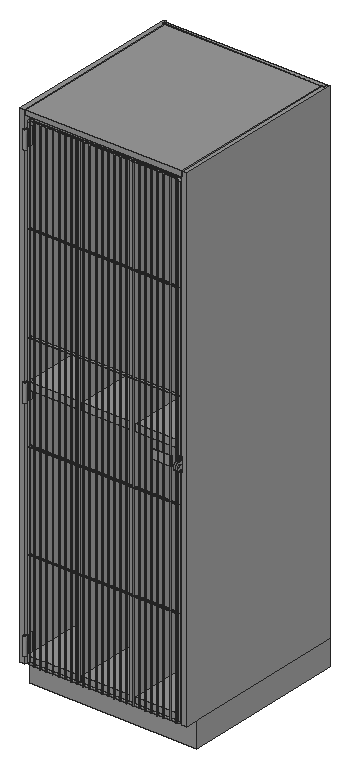
Revit family "TMI_M3047-Music_Wire Grille Doors1", category Casework, Revit 2016
Family settings
  OmniClass Number = 23.40.35.14.11
  OmniClass Title = Modular Casework
  Work Plane-Based = No
  Always vertical = Yes
  Cut with Voids When Loaded = No
  Shared = No
  Room Calculation Point = No
Parameters (values of type "27" x 84-1/2" x 29"")
  URL = "www.tmisystems.com"
  Toe Kick Height = 4"
  Toe Kick Depth = 2"
  Shelf Thickness = 1 1/8"
  Model = "M3047/M5047"
  Manufacturer = "TMI Systems Corporation"
  Interior Finish = none
  Individual Wire Grille Doors [instance] = not(Full Height Wire Grille Door)  # no
  Full Height Wire Grille Door [instance] = yes
  Filler Width (Hinge) [instance] = 3"
  Filler (Pull Side) [instance] = no
  Filler (Hinge Side) [instance] = no
  Filler Width (Pull) [instance] = 3"
  Description = "Acoustic Guitar"
  Depth = 29"
  Height = 84 1/2"
  Width = 27"
  Casework Thickness = 3/4"
  Casework Back Thickness = 1/2"
  Cabinet Finish = Plastic Laminate
  Assembly Code = ""
Types (2): name | Depth
  27" x 84-1/2" x 29" | 29"
  27" x 84-1/2" x 39" | 39"
Reference planes (in)
  plane 1 "Back": y = 15
  plane 2: z = 0
  plane 3 "Center (Left/Right)": x = 0.7377
  plane 4 "Left": x = -12.7623
  plane 5 "Right": x = 14.2377
  plane 6 "Front": y = -14
  plane 7 "Top": z = 84.5
  plane 8: y = 14.375
  plane 9: x = -12.0123
  plane 10: x = 13.4877
  plane 11: z = 83.75
  plane 12: y = 14.875
  plane 13: y = -12
  plane 14: z = 4
  plane 15: z = 5.125
  plane 16: y = -13.61906
  plane 17: y = -11.25
  plane 18: y = -13.25
  plane 19: x = -4.0123
  plane 20: x = -3.2623
  plane 21: x = -3.6373
  plane 22: x = 5.4877
  plane 23: x = 4.7377
  plane 24: x = 5.1127
  plane 25: z = 44.8125
  plane 26: y = -13.49461
  plane 27: z = 83.25
  plane 28: x = 13.8627
  plane 29: x = -12.3873
  plane 30: y = -13.60344
Forms (in)
  Extrusion 1, solid, material "Plastic Laminate" <- "Cabinet Finish"
    sketch origin (0, 0.21844, 0) x (1, 0, 0) y (0, 1, 0)
      loop
        line (-12.7623, 14.78156) -> (-12.7623, -14.21844) -> (-12.0123, -14.21844) -> (-12.0123, 14.15656) -> (-12.38677, 14.15656) -> (-12.38677, 14.78156) -> (-12.7623, 14.78156)
      loop
        line (13.86077, 14.78156) -> (13.86077, 14.15656) -> (13.4877, 14.15656) -> (13.4877, -14.21844) -> (14.2377, -14.21844) -> (14.2377, 14.78156) -> (13.86077, 14.78156)
    from 4 to 84.5
  Extrusion 2, solid, material "Plastic Laminate" <- "Cabinet Finish"
    sketch origin (0.84915, 11.94613, -1.44731) x (1, 0, 0) y (0, 0, 1)
      loop
        line (-12.86145, 6.57231) -> (-12.86145, 5.44731) -> (12.63855, 5.44731) -> (12.63855, 6.57231) -> (-12.86145, 6.57231)
    from -2.42887 to 25.54956
  Extrusion 3, solid, material "Plastic Laminate" <- "Cabinet Finish"
    sketch origin (0, 0, 0) x (1, 0, 0) y (0, 1, 0)
      loop
        line (-12.38677, 14.875) -> (-12.38677, 14.375) -> (13.86077, 14.375) -> (13.86077, 14.875) -> (-12.38677, 14.875)
    from 84.5 to 4
  Extrusion 4, solid, material "Plastic Laminate" <- "Cabinet Finish", visible <- "Filler (Pull Side)"
    sketch origin (0, -14, 0) x (1, 0, 0) y (0, 0, 1)
      loop
        line (14.2377, 84.5) -> (14.2377, 4) -> (17.2377, 4) -> (17.2377, 84.5) -> (14.2377, 84.5)
    from -0.75 to 0
  Extrusion 5, solid, material "Plastic Laminate" <- "Cabinet Finish", visible <- "Filler (Hinge Side)"
    sketch origin (0, -14, 0) x (1, 0, 0) y (0, 0, 1)
      loop
        line (-15.7623, 84.5) -> (-15.7623, 4) -> (-12.7623, 4) -> (-12.7623, 84.5) -> (-15.7623, 84.5)
    from -0.75 to 0
  Extrusion 6, solid, material "Wood"
    sketch origin (0, 0, 0) x (1, 0, 0) y (0, 0, 1)
      loop
        line (14.2377, 4) -> (-12.7623, 4) -> (-12.7623, 0) -> (14.2377, 0) -> (14.2377, 4)
    from -15 to 12
  Extrusion 7, solid, material "Wood", visible <- "Filler (Pull Side)"
    sketch origin (0, 0, 0) x (1, 0, 0) y (0, 0, 1)
      loop
        line (17.2377, 4) -> (14.2377, 4) -> (14.2377, 0) -> (17.2377, 0) -> (17.2377, 4)
    from 11.25 to 12
  Extrusion 8, solid, material "Wood", visible <- "Filler (Hinge Side)"
    sketch origin (0, 0, 0) x (1, 0, 0) y (0, 0, 1)
      loop
        line (-12.7623, 4) -> (-15.7623, 4) -> (-15.7623, 0) -> (-12.7623, 0) -> (-12.7623, 4)
    from 11.25 to 12
  Extrusion 9, solid, material "Plastic Laminate" <- "Cabinet Finish", visible <- "Full Height Wire Grille Door"
    sketch origin (-6, -14, 0) x (1, 0, 0) y (0, 0, 1)
      loop
        line (1.9877, 83.75) -> (1.9877, 4) -> (2.7377, 4) -> (2.7377, 83.75) -> (1.9877, 83.75)
    from -28.375 to -0.38094
  Extrusion 10, solid, material "Plastic Laminate" <- "Cabinet Finish"
    sketch origin (0, -14, 0) x (1, 0, 0) y (0, 0, 1)
      loop
        line (-12.0123, 44.8125) -> (-12.0123, 43.6875) -> (13.4877, 43.6875) -> (13.4877, 44.8125) -> (-12.0123, 44.8125)
    from -28.375 to -0.50539
  Extrusion 11, solid, material "Plastic Laminate" <- "Cabinet Finish", visible <- "Full Height Wire Grille Door"
    sketch origin (67.5, -14, 0) x (1, 0, 0) y (0, 0, 1)
      loop
        line (-62.7623, 83.75) -> (-62.7623, 4) -> (-62.0123, 4) -> (-62.0123, 83.75) -> (-62.7623, 83.75)
    from -28.375 to -0.38094
  Extrusion 12, solid, material "Plastic Laminate" <- "Cabinet Finish"
    sketch origin (0, 15, 0) x (1, 0, 0) y (0, 0, 1)
      loop
        line (-12.0123, 84.5) -> (-12.0123, 83.75) -> (13.4877, 83.75) -> (13.4877, 84.5) -> (-12.0123, 84.5)
    from 0.625 to 29
  Extrusion 13, solid, material "Plastic Laminate" <- "Cabinet Finish", visible <- "Individual Wire Grille Doors"
    sketch origin (32, -14, 0) x (1, 0, 0) y (0, 0, 1)
      loop
        line (-36.0123, 83.75) -> (-36.0123, 4) -> (-35.2623, 4) -> (-35.2623, 83.75) -> (-36.0123, 83.75)
    from -28.375 to 0
  Extrusion 14, solid, material "Plastic Laminate" <- "Cabinet Finish", visible <- "Individual Wire Grille Doors"
    sketch origin (105.5, -14, 0) x (1, 0, 0) y (0, 0, 1)
      loop
        line (-100.7623, 83.75) -> (-100.7623, 4) -> (-100.0123, 4) -> (-100.0123, 83.75) -> (-100.7623, 83.75)
    from -28.375 to 0
Lines and regions (in)
  Masking region 1
    outline origin (44.5, 0, 0) x (1, 0, 0) y (0, 1, 0)
      loop
        line (-57.2623, 15) -> (-57.2623, -14) -> (-30.2623, -14) -> (-30.2623, 15) -> (-57.2623, 15)
  Masking region 2, visible <- "Filler (Hinge Side)"
    outline origin (0, 0, 0) x (1, 0, 0) y (0, 1, 0)
      loop
        line (-15.7623, -13.25) -> (-15.7623, -14) -> (-12.7623, -14) -> (-12.7623, -13.25) -> (-15.7623, -13.25)
  Masking region 3, visible <- "Filler (Pull Side)"
    outline origin (0, 0, 0) x (1, 0, 0) y (0, 1, 0)
      loop
        line (14.2377, -13.25) -> (14.2377, -14) -> (17.2377, -14) -> (17.2377, -13.25) -> (14.2377, -13.25)
  symbolic lines, style "CaseworkHiddenLines"
    curve 1: line (-4.8248, -14, 0) -> (-4.9498, -14, 0)
    curve 2: line (4.1752, -14, 0) -> (4.0502, -14, 0)
    curve 3: line (6.3002, -14, 0) -> (6.4252, -14, 0)
Dimensions and locks (in)
  "Width": plane 4 "Left" to plane 5 "Right"
  equal spacing: plane 4 "Left", plane 3 "Center (Left/Right)", plane 5 "Right"
  "Casework Thickness": plane 4 "Left" to plane 9
  "Casework Thickness": plane 10 to plane 5 "Right"
  "Casework Thickness": plane 7 "Top" to plane 11
  "Filler Width (Pull)": plane 5 "Right" to Extrusion 4
  "Filler Width (Hinge)": Extrusion 5 to plane 4 "Left"
  "Depth": plane 6 "Front" to plane 1 "Back"
  locked: plane 12 to plane 1 "Back" at 0.125
  "Toe Kick Depth": plane 13 to plane 6 "Front"
  "Toe Kick Height": plane 14 to level
  "Height": plane 7 "Top" to level
  "Shelf Thickness": Extrusion 10 sketch curve to Extrusion 10 sketch curve
  locked: plane 6 "Front" to plane 16 at 0.38094
  locked: plane 6 "Front" to plane 18 at 0.75
  locked: plane 17 to plane 13 at 0.75
  equal spacing: plane 20, plane 21, plane 19
  "Casework Thickness": plane 20 to plane 19
  equal spacing: plane 23, plane 24, plane 22
  "Casework Thickness": plane 23 to plane 22
  plane 16 to plane 26 = 0.12445"
  locked: plane 11 to plane 27 at 0.5
  "Shelf Thickness": plane 15 to plane 14
  equal spacing: plane 7 "Top", plane 25, plane 15
  equal spacing: plane 29, plane 21, plane 24, plane 28
  equal spacing: plane 4 "Left", plane 29, plane 9
  equal spacing: plane 10, plane 28, plane 5 "Right"
  "Casework Back Thickness": plane 12 to plane 8
  locked: plane 16 to plane 30 at 0.01562
  aligned and locked: plane 2 to level
  aligned and locked: Extrusion 1 sketch curve to plane 4 "Left"
  aligned and locked: Extrusion 1 sketch curve to plane 9
  aligned and locked: Extrusion 1 sketch curve to plane 10
  aligned and locked: Extrusion 1 sketch curve to plane 5 "Right"
  aligned and locked: Extrusion 1 to plane 1 "Back"  (x2)
  aligned and locked: plane 8 to Extrusion 3 sketch curve
  aligned and locked: Extrusion 1 to plane 7 "Top"
  aligned and locked: plane 7 "Top" to Extrusion 4 sketch curve
  aligned and locked: Extrusion 4 sketch curve to plane 5 "Right"
  aligned and locked: plane 7 "Top" to Extrusion 5 sketch curve
  aligned and locked: Extrusion 7 to Extrusion 6
  aligned and locked: Extrusion 8 to Extrusion 6
  aligned and locked: plane 14 to Extrusion 8
  aligned and locked: plane 14 to Extrusion 6
  aligned and locked: plane 14 to Extrusion 7
  aligned and locked: Extrusion 4 to plane 14
  aligned and locked: Extrusion 5 to plane 14
  aligned and locked: Extrusion 1 to plane 14
  aligned and locked: Extrusion 2 to plane 14
  aligned and locked: plane 15 to Extrusion 2
  aligned and locked: Extrusion 6 to Extrusion 1
  aligned and locked: plane 1 "Back" to Masking region 1 sketch curve
  aligned and locked: Extrusion 8 to plane 13
  aligned and locked: plane 11 to Extrusion 9 sketch curve
  aligned and locked: plane 9 to Extrusion 10 sketch curve
  aligned and locked: Extrusion 10 sketch curve to plane 10
  aligned and locked: plane 8 to Extrusion 10
  aligned and locked: plane 4 "Left" to Masking region 2 sketch curve
  aligned and locked: Masking region 3 sketch curve to plane 5 "Right"
  aligned and locked: plane 6 "Front" to Extrusion 1  (x2)
  aligned and locked: plane 6 "Front" to Extrusion 4
  aligned and locked: plane 6 "Front" to Extrusion 5
  aligned and locked: plane 17 to Extrusion 7
  aligned and locked: Extrusion 4 to plane 18
  aligned and locked: Extrusion 5 to plane 18
  aligned and locked: plane 17 to Extrusion 8
  aligned and locked: Extrusion 8 to Extrusion 5
  aligned and locked: Masking region 2 to Extrusion 5
  aligned and locked: Masking region 2 to plane 18
  aligned and locked: Extrusion 4 to Extrusion 7
  aligned and locked: Masking region 3 to Extrusion 4
  aligned and locked: Masking region 3 to plane 18
  aligned and locked: Extrusion 10 to plane 25
  aligned and locked: Extrusion 2 to plane 9
  aligned and locked: Extrusion 10 to plane 26
  aligned and locked: plane 16 to Extrusion 11
  aligned and locked: Extrusion 2 to plane 10
  aligned and locked: plane 8 to Extrusion 11
  aligned and locked: Extrusion 12 sketch curve to plane 11
  aligned and locked: plane 9 to Extrusion 12 sketch curve
  aligned and locked: Extrusion 12 sketch curve to plane 10
  aligned and locked: plane 6 "Front" to Extrusion 12
  aligned and locked: Extrusion 11 to plane 23
  aligned and locked: Extrusion 11 to plane 22
  aligned and locked: plane 9 to Extrusion 1
  aligned and locked: plane 6 "Front" to Masking region 1
  aligned and locked: Extrusion 12 to plane 7 "Top"
  aligned and locked: plane 8 to Extrusion 12
  aligned and locked: Extrusion 3 to Extrusion 1  (x2)
  aligned and locked: plane 8 to Extrusion 2
  aligned and locked: Extrusion 3 to plane 14
  aligned and locked: Extrusion 3 to plane 7 "Top"
  aligned and locked: plane 6 "Front" to Extrusion 13
  aligned and locked: plane 6 "Front" to Extrusion 14
  aligned and locked: plane 8 to Extrusion 13
  aligned and locked: plane 8 to Extrusion 14
  aligned and locked: Extrusion 13 to plane 11
  aligned and locked: Extrusion 14 to plane 11
  aligned and locked: Extrusion 13 to plane 19
  aligned and locked: Extrusion 13 to plane 20
  aligned and locked: Extrusion 14 to plane 23
  aligned and locked: Extrusion 14 to plane 22
  aligned and locked: plane 30 to Extrusion 2
  aligned and locked: Extrusion 13 to plane 14
  aligned and locked: Extrusion 9 to plane 14
  aligned and locked: Extrusion 11 to plane 14
  aligned and locked: Extrusion 14 to plane 14
  aligned and locked: nested 5 to plane 6 "Front"
  aligned and locked: nested 1 to plane 6 "Front"
  aligned and locked: nested 6 to plane 6 "Front"
  aligned and locked: nested 2 to plane 6 "Front"
  aligned and locked: nested 7 to plane 6 "Front"
  aligned and locked: nested 3 to plane 6 "Front"
  aligned and locked: nested 4 to plane 6 "Front"
  aligned and locked: nested 1 to plane 14
  aligned and locked: nested 2 to plane 14
  aligned and locked: nested 3 to plane 14
  aligned and locked: nested 4 to plane 14
  aligned and locked: plane 27 to nested 5
  aligned and locked: plane 27 to nested 6
  aligned and locked: plane 27 to nested 7
  aligned and locked: plane 9 to nested 1
  aligned and locked: plane 9 to nested 5
  aligned and locked: nested 2 to plane 20
  aligned and locked: nested 6 to plane 20
  aligned and locked: nested 3 to plane 22
  aligned and locked: nested 7 to plane 22
  aligned and locked: plane 9 to nested 4
Automatic sketch dimensions
  curve 1 to level = 0"
  curve 2 to level = 0"
  curve 3 to level = 0"
  curve 1 to plane 19 = 15/16"
  curve 1 to curve 1 = 1/8"
  curve 2 to plane 23 = 11/16"
  curve 2 to curve 2 = 1/8"
  curve 3 to plane 22 = 13/16"
  curve 3 to curve 3 = 1/8"
  plane 1 "Back" to Extrusion 1 sketch curve = 0"  (x2)
  Extrusion 1 sketch curve to plane 8 = 0"  (x2)
  plane 6 "Front" to Extrusion 1 sketch curve = 0"  (x2)
  Extrusion 1 sketch curve to plane 29 = 0.00052"
  plane 28 to Extrusion 1 sketch curve = 0.00194"
  Extrusion 2 sketch curve to plane 9 = 0"
  plane 10 to Extrusion 2 sketch curve = 0"
  Extrusion 2 sketch curve to plane 14 = 0"
  Extrusion 2 sketch curve to plane 15 = 0"
  Extrusion 3 sketch curve to plane 12 = 0"
  Extrusion 3 sketch curve to plane 29 = 0.00052"
  plane 28 to Extrusion 3 sketch curve = 0.00194"
  Extrusion 4 sketch curve to plane 14 = 0"
  Extrusion 4 sketch curve to plane 5 "Right" = 3"
  Extrusion 5 sketch curve to plane 14 = 0"
  plane 4 "Left" to Extrusion 5 sketch curve = 0"
  Extrusion 5 sketch curve to Extrusion 5 sketch curve = 3"
  plane 4 "Left" to Extrusion 6 sketch curve = 0"
  Extrusion 6 sketch curve to level = 0"
  plane 5 "Right" to Extrusion 6 sketch curve = 0"
  Extrusion 6 sketch curve to plane 14 = 0"
  plane 5 "Right" to Extrusion 7 sketch curve = 0"
  Extrusion 7 sketch curve to level = 0"
  Extrusion 7 sketch curve to plane 14 = 0"
  Extrusion 7 sketch curve to plane 5 "Right" = 3"
  Extrusion 8 sketch curve to plane 14 = 0"
  Extrusion 8 sketch curve to level = 0"
  plane 4 "Left" to Extrusion 8 sketch curve = 0"
  Extrusion 8 sketch curve to Extrusion 8 sketch curve = 3"
  Masking region 1 sketch curve to plane 4 "Left" = 0"
  Masking region 1 sketch curve to plane 5 "Right" = 0"
  plane 6 "Front" to Masking region 1 sketch curve = 0"
  Extrusion 9 sketch curve to plane 19 = 0"
  plane 20 to Extrusion 9 sketch curve = 0"
  Extrusion 10 sketch curve to plane 25 = 0"
  plane 6 "Front" to Masking region 2 sketch curve = 0"
  plane 18 to Masking region 2 sketch curve = 0"
  plane 4 "Left" to Masking region 2 sketch curve = 3"
  plane 6 "Front" to Masking region 3 sketch curve = 0"
  plane 18 to Masking region 3 sketch curve = 0"
  Masking region 3 sketch curve to Masking region 3 sketch curve = 3"
  Extrusion 11 sketch curve to plane 15 = 1 1/8"
  Extrusion 11 sketch curve to plane 23 = 0"
  plane 22 to Extrusion 11 sketch curve = 0"
  Extrusion 11 sketch curve to plane 11 = 0"
  Extrusion 12 sketch curve to plane 7 "Top" = 0"
  Extrusion 13 sketch curve to plane 15 = 1 1/8"
  Extrusion 13 sketch curve to plane 11 = 0"
  plane 5 "Right" to Extrusion 13 sketch curve = 18 1/4"
  Extrusion 13 sketch curve to Extrusion 13 sketch curve = 3/4"
  Extrusion 14 sketch curve to plane 15 = 1 1/8"
  Extrusion 14 sketch curve to plane 11 = 0"
  plane 5 "Right" to Extrusion 14 sketch curve = 9 1/2"
  Extrusion 14 sketch curve to Extrusion 14 sketch curve = 3/4"
  Extrusion 9 sketch curve to plane 15 = 1 1/8"
Nested families (in)
  nested 1: "Individual Wire Grille Door 27in Wide (2Hx3W Doors)" at (-8.01315, -13.76369, 4), visible <- "Individual Wire Grille Doors", type "Individual Wire Grille Door 27in Wide (2Hx3W Doors)"
    with Number of Verticle Bars 6, Bar Spacing 1"
  nested 2: "Individual Wire Grille Door 27in Wide (2Hx3W Doors)" at (0.73685, -13.76369, 4), visible <- "Individual Wire Grille Doors", type "Individual Wire Grille Door 27in Wide (2Hx3W Doors)"
    with Number of Verticle Bars 6, Bar Spacing 1"
  nested 3: "Individual Wire Grille Door 27in Wide (2Hx3W Doors)" at (9.48685, -13.76369, 4), visible <- "Individual Wire Grille Doors", type "Individual Wire Grille Door 27in Wide (2Hx3W Doors)"
    with Number of Verticle Bars 6, Bar Spacing 1"
  nested 4: "Full Height Wire Grille Door 27in Wide" at (0.73685, -13.76369, 4), visible <- "Full Height Wire Grille Door", type "Full Height Wire Grille Door 27in Wide"
    with Number of Verticle Bars 24, Bar Spacing 1"
  nested 5: "Individual Wire Grille Door 27in Wide (2Hx3W Doors)" at (-8.01315, -13.76369, 44), visible <- "Individual Wire Grille Doors", type "Individual Wire Grille Door 27in Wide (2Hx3W Doors)"
    with Number of Verticle Bars 6, Bar Spacing 1"
  nested 6: "Individual Wire Grille Door 27in Wide (2Hx3W Doors)" at (0.73685, -13.76369, 44), visible <- "Individual Wire Grille Doors", type "Individual Wire Grille Door 27in Wide (2Hx3W Doors)"
    with Number of Verticle Bars 6, Bar Spacing 1"
  nested 7: "Individual Wire Grille Door 27in Wide (2Hx3W Doors)" at (9.48685, -13.76369, 44), visible <- "Individual Wire Grille Doors", type "Individual Wire Grille Door 27in Wide (2Hx3W Doors)"
    with Number of Verticle Bars 6, Bar Spacing 1"
Definition of nested family "Individual Wire Grille Door 27in Wide (2Hx3W Doors)"
  Parameters (values of type "Individual Wire Grille Door 27in Wide (2Hx3W Doors)")
    Width = 7"
    Pull height from Bottom of Casework = 33 13/16"
    Number of Verticle Bars [instance] = (Width / Bar Spacing) - 1  # 6
    Height = 39 1/4"
    Distance of Hinge from Edge of Casework = 2 13/16"
    Bar Spacing [instance] = 1"
  Reference planes (in)
    plane 1 "Center (Front/Back)": y = 0
    plane 2: z = 0
    plane 3 "Center (Left/Right)": x = 0
    plane 4: x = -3.62415
    plane 5: x = -3.37585
    plane 6: z = 39.25
    plane 7: z = 39
    plane 8: z = 39.12847
    plane 9: x = -3.5
    plane 10: x = 3.63138
    plane 11: x = 3.36862
    plane 12: x = 3.5
    plane 13: z = 0.25
    plane 14: z = 0.125
    plane 15: y = -0.125
    plane 16: z = 19.625
    plane 17: y = -0.17188
    plane 18: y = 0.28516
    plane 19: x = 4.00638
    plane 20: y = -0.23631
    plane 21: z = 2.8125
    plane 22: z = 36.4375
    plane 23: z = 20.75103
    plane 24: x = -2.5
    plane 25: z = 26.16667
    plane 26: z = 13.08333
    plane 27: z = 19.625
  Forms (in)
    Sweep 1, solid
      path origin (0, 0, 0) x (1, 0, 0) y (0, 0, 1)
        loop
          arc (-3.25, 39.12847) -> (-3.42678, 39.05525) -> (-3.5, 38.87847) r 0.25
          line (-3.5, 38.87847) -> (-3.5, 0.375)
          arc (-3.5, 0.375) -> (-3.42678, 0.19822) -> (-3.25, 0.125) r 0.25
          line (-3.25, 0.125) -> (3.25, 0.125)
          arc (3.25, 0.125) -> (3.42678, 0.19822) -> (3.5, 0.375) r 0.25
          line (3.5, 0.375) -> (3.5, 38.87847)
          arc (3.5, 38.87847) -> (3.42678, 39.05525) -> (3.25, 39.12847) r 0.25
          line (3.25, 39.12847) -> (-3.25, 39.12847)
      profile "4 Circle : 4 Circle" origin (0, 0, 39.12847) x (0, 0, 1) y (0, -1, 0)
        loop
          circle (0, 0) r 0.125
    Extrusion 2, solid
      sketch origin (0, 0, 0) x (0, 1, 0) y (0, 0, 1)
        loop
          circle (0, 26.16667) r 0.125
        loop
          circle (0, 13.08333) r 0.125
      from -3.5 to 3.5
    Extrusion 3, solid
      sketch origin (8.75, 0, 0) x (1, 0, 0) y (0, 1, 0)
        loop
          circle (-11.25, -0.17188) r 0.06444
      from 0 to 39.25
    Extrusion 4, solid
      sketch origin (9.75, 0, 0) x (1, 0, 0) y (0, 1, 0)
        loop
          circle (-11.25, -0.17188) r 0.06444
      from 0 to 39.25
    Extrusion 5, solid
      sketch origin (10.75, 0, 0) x (1, 0, 0) y (0, 1, 0)
        loop
          circle (-11.25, -0.17188) r 0.06444
      from 0 to 39.25
    Extrusion 6, solid
      sketch origin (11.75, 0, 0) x (1, 0, 0) y (0, 1, 0)
        loop
          circle (-11.25, -0.17188) r 0.06444
      from 0 to 39.25
    Extrusion 7, solid
      sketch origin (12.75, 0, 0) x (1, 0, 0) y (0, 1, 0)
        loop
          circle (-11.25, -0.17188) r 0.06444
      from 0 to 39.25
    Extrusion 8, solid
      sketch origin (13.75, 0, 0) x (1, 0, 0) y (0, 1, 0)
        loop
          circle (-11.25, -0.17188) r 0.06444
      from 0 to 39.25
    Extrusion 9, solid
      sketch origin (0, 0, 0) x (1, 0, 0) y (0, 0, 1)
        loop
          line (-0.80612, 20.375) -> (-0.80612, 18.875) -> (2.38138, 18.875) -> (2.38138, 20.375) -> (-0.80612, 20.375)
      from 0.23631 to 0.33984
  Lines and regions (in)
    model lines
      curve 1: line (3.5, 0, 39.12847) -> (-3.5, 0, 19.625)
      curve 2: line (-3.5, 0, 19.625) -> (3.5, 0, 0.125)
  Dimensions and locks (in)
    equal spacing: plane 4, plane 9, plane 5
    locked: plane 4 to plane 5 at 0.24829
    equal spacing: plane 10, plane 12, plane 11
    plane 10 to plane 11 = 0.26276"
    equal spacing: plane 13, plane 14, plane 2
    locked: plane 13 to plane 2 at 0.25
    equal spacing: plane 12, plane 3 "Center (Left/Right)", plane 9
    locked: plane 15 to plane 1 "Center (Front/Back)" at 0.125
    "Width": plane 12 to plane 9
    plane 8 to plane 14 = 39.00347"
    locked: plane 15 to plane 17 at 0.04688
    plane 1 "Center (Front/Back)" to plane 18 = 73/256"
    locked: plane 10 to plane 19 at 0.375
    locked: plane 17 to plane 20 at 0.06444
    "Distance of Hinge from Edge of Casework": plane 21 to plane 2
    locked: plane 23 to plane 16 at 1.12603
    "Height": plane 6 to plane 2
    locked: plane 6 to plane 7 at 0.25
    plane 6 to plane 8 to plane 7 = 0.12153", 0.12847"
    locked: plane 9 to plane 24 at 1
    "Distance of Hinge from Edge of Casework": plane 6 to plane 22
    equal spacing: plane 6, plane 16, level
    equal spacing: group 1, group 2, group 3, group 4, group 5, group 6  (x3)
    equal spacing: plane 6, plane 25, plane 26, level
    equal spacing: Extrusion 9 sketch curve, plane 27, Extrusion 9 sketch curve
    locked: Extrusion 9 sketch curve to Extrusion 9 sketch curve at 1.5
    locked: Extrusion 9 sketch curve to Extrusion 9 sketch curve at 3.1875
    locked: Extrusion 9 sketch curve to nested 1 at 1.25
    aligned and locked: Sweep 1 sketch curve to plane 12
    aligned and locked: plane 9 to Sweep 1 sketch curve
    aligned and locked: plane 14 to Sweep 1 sketch curve
    aligned and locked: nested 1 to plane 10
    aligned and locked: plane 18 to nested 1
    aligned and locked: plane 18 to nested 2
    aligned and locked: plane 10 to nested 1
    aligned and locked: nested 3 to plane 4
    aligned and locked: plane 20 to nested 3
    aligned and locked: nested 3 to plane 22
    aligned and locked: nested 4 to plane 4
    aligned and locked: plane 20 to nested 4
    aligned and locked: nested 4 to plane 21
    aligned and locked: Extrusion 2 to plane 9
    aligned and locked: Extrusion 2 to plane 12
    aligned and locked: plane 19 to nested 2
    aligned and locked: nested 2 to plane 23
    aligned and locked: nested 1 to plane 23
    aligned and locked: plane 2 to level
    aligned and locked: Sweep 1 sketch curve to plane 8
    aligned and locked: Extrusion 3 to plane 2
    aligned and locked: nested 5 to plane 20
    aligned and locked: nested 5 to plane 4
    aligned and locked: nested 5 to plane 16
    aligned and locked: plane 20 to Extrusion 9
    aligned and locked: nested 1 to Extrusion 9
    aligned and locked: plane 16 to plane 27
  Automatic sketch dimensions
    plane 5 to Sweep 1 sketch curve = 0.12585"  (x2)
    plane 11 to Sweep 1 sketch curve = 0.11862"  (x2)
    curve 2 to plane 9 = 0"
    plane 12 to curve 2 = 0"
    curve 1 to plane 8 = 0"
    curve 1 to plane 12 = 0"
    curve 2 to plane 14 = 0"
    curve 1 to plane 16 = 0"
    Extrusion 2 sketch curve to plane 1 "Center (Front/Back)" = 0"  (x2)
    Extrusion 2 sketch curve to plane 26 = 0"
    Extrusion 2 sketch curve to plane 25 = 0"
    radius of Extrusion 3 sketch curve = 0.06444"
    radius of Extrusion 4 sketch curve = 0.06444"
    radius of Extrusion 5 sketch curve = 0.06444"
    radius of Extrusion 6 sketch curve = 0.06444"
    radius of Extrusion 7 sketch curve = 0.06444"
    radius of Extrusion 8 sketch curve = 0.06444"
    radius of Extrusion 2 sketch curve = 1/8"  (x2)
  Nested families (in)
    nested 1: "Pad Lock" at (3.63138, -0.33984, 19.62603), type "Pad Lock"
    nested 2: "Pad Lock" at (3.94388, -0.33984, 19.62603), type "Pad Lock"
    nested 3: "5k hinge (music)" at (-3.8429, 0.76369, 35.03125) x (-1, 0, 0) z (0, 0, 1), type "5k hinge (music)"
      with Width 16"
    nested 4: "5k hinge (music)" at (-3.8429, 0.76369, 1.40625) x (-1, 0, 0) z (0, 0, 1), type "5k hinge (music)"
      with Width 16"
    nested 5: "5k hinge (music)" at (-3.8429, 0.76369, 18.21875) x (-1, 0, 0) z (0, 0, 1), type "5k hinge (music)"
      with Width 16"
  Definition of nested family "Pad Lock"
    Reference planes (in)
      plane 1 "Center (Front/Back)": y = 0
      plane 2: z = 0
      plane 3 "Center (Left/Right)": x = 0
      plane 4: z = 1.125
      plane 5: z = -1.125
      plane 6: y = -1.125
      plane 7: y = 0.625
      plane 8: y = -0.5625
      plane 9: x = 0.0625
    Forms (in)
      Extrusion 1, solid
        sketch origin (0, 0.00036, 0.01611) x (0, 0, 1) y (0, -1, 0)
          loop
            line (0.98389, 0) -> (0.56967, 0) -> (0.56967, 0.56286)
            arc (0.56967, 0.56286) -> (0, 1.13253) -> (-0.56967, 0.56286) r 0.56967
            line (-0.56967, 0.56286) -> (-0.56967, 0) -> (-1.01611, 0)
            arc (-1.01611, 0) -> (-1.1045, -0.03661) -> (-1.14111, -0.125) r 0.125
            line (-1.14111, -0.125) -> (-1.14111, -0.62464) -> (1.10889, -0.62464) -> (1.10889, -0.125)
            arc (1.10889, -0.125) -> (1.07227, -0.03661) -> (0.98389, 0) r 0.125
          loop
            circle (0, 0.56286) r 0.375
        from 0 to 0.0625
    Dimensions and locks (in)
      locked: plane 4 to plane 5 at 2.25
      locked: plane 6 to plane 7 at 1.75
      locked: plane 9 to plane 3 "Center (Left/Right)" at 0.0625
      equal spacing: plane 1 "Center (Front/Back)", plane 8, plane 6
      locked: plane 7 to plane 1 "Center (Front/Back)" at 0.625
      equal spacing: plane 5, plane 2, plane 4
      aligned and locked: plane 2 to level
      aligned and locked: plane 9 to Extrusion 1
    Automatic sketch dimensions
      Extrusion 1 sketch curve to Extrusion 1 sketch curve = 0"  (x2)
      Extrusion 1 sketch curve to plane 5 = 0"
      Extrusion 1 sketch curve to plane 8 = 0"
      plane 4 to Extrusion 1 sketch curve = 0"
      Extrusion 1 sketch curve to plane 7 = 0"
      Extrusion 1 sketch curve to plane 1 "Center (Front/Back)" = 0.00036"
      plane 5 to Extrusion 1 sketch curve = 1/8"
      Extrusion 1 sketch curve to level = 0.55355"
      level to Extrusion 1 sketch curve = 0.01611"
      Extrusion 1 sketch curve to Extrusion 1 sketch curve = 1/8"
      Extrusion 1 sketch curve to plane 1 "Center (Front/Back)" = 0.12536"
      radius of Extrusion 1 sketch curve = 3/8"
  Definition of nested family "5k hinge (music)"
    Parameters (values of type "5k hinge (music)")
      door thickness = 1"
      Width [instance] = 16"
      Hinge Distance from Door = 9/16"
      5K hinge size = 2 13/16"
    Reference planes (in)
      plane 1 "Center (Front/Back)": y = 0
      plane 2: z = 0
      plane 3 "Center (Left/Right)": x = 0
      plane 4: x = -0.15625
      plane 5: y = -1
      plane 6: y = -0.5
      plane 7: y = -1.5625
      plane 8: y = -1.28125
      plane 9: x = 0.15625
      plane 10: z = 2.8125
      plane 11: z = 1.40625
      plane 12: x = -0.21875
    Forms (in)
      Extrusion 1, solid
        sketch origin (-8.15625, 0, 0) x (1, 0, 0) y (0, 1, 0)
          loop
            line (8.15625, -1) -> (8.15625, -1.04949)
            arc (8.15625, -1.04949) -> (7.85521, -1.421) -> (8.3125, -1.28125) r 0.25
            line (8.3125, -1.28125) -> (8.3125, 0) -> (8.15625, 0) -> (7.9375, 0) -> (7.9375, -1) -> (8.15625, -1)
        from 0 to 2.8125
    Dimensions and locks (in)
      equal spacing: plane 1 "Center (Front/Back)", plane 6, plane 5
      "Hinge Distance from Door": plane 5 to plane 7
      equal spacing: plane 5, plane 8, plane 7
      "5K hinge size": plane 10 to plane 2
      "door thickness": plane 1 "Center (Front/Back)" to plane 5
      equal spacing: plane 10, plane 11, plane 2
      equal spacing: plane 4, plane 3 "Center (Left/Right)", plane 9
      plane 4 to plane 9 = 5/16"
      plane 12 to plane 4 = 1/16"
      aligned and locked: plane 2 to level
      aligned and locked: plane 5 to Extrusion 1 sketch curve
      aligned and locked: Extrusion 1 to plane 10
      aligned and locked: plane 9 to Extrusion 1
      aligned and locked: Extrusion 1 to plane 2
      aligned and locked: plane 12 to Extrusion 1 sketch curve
    Automatic sketch dimensions
      Extrusion 1 sketch curve to plane 8 = 0"
      plane 1 "Center (Front/Back)" to Extrusion 1 sketch curve = 0"
      Extrusion 1 sketch curve to plane 9 = 0"
      plane 4 to Extrusion 1 sketch curve = 1/16"
      Extrusion 1 sketch curve to plane 3 "Center (Left/Right)" = 0"  (x2)
Definition of nested family "Full Height Wire Grille Door 27in Wide"
  Parameters (values of type "Full Height Wire Grille Door 27in Wide")
    Width = 24 1/2"
    Pull height from Bottom of Casework = 37 13/16"
    Number of Verticle Bars [instance] = (Width / Bar Spacing) - 1  # 24
    Height = 79 1/4"
    Distance of Hinge from Edge of Casework = 2 13/16"
    Bar Spacing [instance] = 1"
  Reference planes (in)
    plane 1 "Center (Front/Back)": y = 0
    plane 2: z = 0
    plane 3 "Center (Left/Right)": x = 0
    plane 4: x = -12.37415
    plane 5: x = -12.12585
    plane 6: z = 79.25
    plane 7: z = 79
    plane 8: z = 79.125
    plane 9: x = -12.25
    plane 10: x = 12.38138
    plane 11: x = 12.11862
    plane 12: x = 12.25
    plane 13: z = 0.25
    plane 14: z = 0.125
    plane 15: y = -0.125
    plane 16: z = 39.625
    plane 17: z = 47.525
    plane 18: z = 63.325
    plane 19: z = 31.725
    plane 20: z = 15.925
    plane 21: y = -0.17188
    plane 22: x = -11.25
    plane 23: y = 0.28516
    plane 24: x = 12.75638
    plane 25: y = -0.23631
    plane 26: z = 37.8125
    plane 27: z = 2.8125
    plane 28: z = 76.4375
    plane 29: z = 38.9375
    plane 30: z = 37.8125
  Forms (in)
    Sweep 1, solid
      path origin (0, 0, 0) x (1, 0, 0) y (0, 0, 1)
        loop
          arc (-12, 79.125) -> (-12.17678, 79.05178) -> (-12.25, 78.875) r 0.25
          line (-12.25, 78.875) -> (-12.25, 0.375)
          arc (-12.25, 0.375) -> (-12.17678, 0.19822) -> (-12, 0.125) r 0.25
          line (-12, 0.125) -> (12, 0.125)
          arc (12, 0.125) -> (12.17678, 0.19822) -> (12.25, 0.375) r 0.25
          line (12.25, 0.375) -> (12.25, 78.875)
          arc (12.25, 78.875) -> (12.17678, 79.05178) -> (12, 79.125) r 0.25
          line (12, 79.125) -> (-12, 79.125)
      profile "4 Circle : 4 Circle" origin (0, 0, 79.125) x (0, 0, 1) y (0, -1, 0)
        loop
          circle (0, 0) r 0.125
    Extrusion 2, solid
      sketch origin (0, 0, 0) x (0, 1, 0) y (0, 0, 1)
        loop
          circle (0, 63.325) r 0.125
        loop
          circle (0, 47.525) r 0.125
        loop
          circle (0, 15.925) r 0.125
        loop
          circle (0, 31.725) r 0.125
      from -12.25 to 12.25
    Extrusion 3, solid
      sketch origin (-0.62456, 0, 0) x (1, 0, 0) y (0, 1, 0)
        loop
          circle (-10.62544, -0.17188) r 0.0625
      from 0 to 79.25
    Extrusion 4, solid
      sketch origin (0.37544, 0, 0) x (1, 0, 0) y (0, 1, 0)
        loop
          circle (-10.62544, -0.17188) r 0.0625
      from 0 to 79.25
    Extrusion 5, solid
      sketch origin (1.37544, 0, 0) x (1, 0, 0) y (0, 1, 0)
        loop
          circle (-10.62544, -0.17188) r 0.0625
      from 0 to 79.25
    Extrusion 6, solid
      sketch origin (2.37544, 0, 0) x (1, 0, 0) y (0, 1, 0)
        loop
          circle (-10.62544, -0.17188) r 0.0625
      from 0 to 79.25
    Extrusion 7, solid
      sketch origin (3.37544, 0, 0) x (1, 0, 0) y (0, 1, 0)
        loop
          circle (-10.62544, -0.17188) r 0.0625
      from 0 to 79.25
    Extrusion 8, solid
      sketch origin (4.37544, 0, 0) x (1, 0, 0) y (0, 1, 0)
        loop
          circle (-10.62544, -0.17188) r 0.0625
      from 0 to 79.25
    Extrusion 9, solid
      sketch origin (5.37544, 0, 0) x (1, 0, 0) y (0, 1, 0)
        loop
          circle (-10.62544, -0.17188) r 0.0625
      from 0 to 79.25
    Extrusion 10, solid
      sketch origin (6.37544, 0, 0) x (1, 0, 0) y (0, 1, 0)
        loop
          circle (-10.62544, -0.17188) r 0.0625
      from 0 to 79.25
    Extrusion 11, solid
      sketch origin (7.37544, 0, 0) x (1, 0, 0) y (0, 1, 0)
        loop
          circle (-10.62544, -0.17188) r 0.0625
      from 0 to 79.25
    Extrusion 12, solid
      sketch origin (8.37544, 0, 0) x (1, 0, 0) y (0, 1, 0)
        loop
          circle (-10.62544, -0.17188) r 0.0625
      from 0 to 79.25
    Extrusion 13, solid
      sketch origin (9.37544, 0, 0) x (1, 0, 0) y (0, 1, 0)
        loop
          circle (-10.62544, -0.17188) r 0.0625
      from 0 to 79.25
    Extrusion 14, solid
      sketch origin (10.37544, 0, 0) x (1, 0, 0) y (0, 1, 0)
        loop
          circle (-10.62544, -0.17188) r 0.0625
      from 0 to 79.25
    Extrusion 15, solid
      sketch origin (11.37544, 0, 0) x (1, 0, 0) y (0, 1, 0)
        loop
          circle (-10.62544, -0.17188) r 0.0625
      from 0 to 79.25
    Extrusion 16, solid
      sketch origin (12.37544, 0, 0) x (1, 0, 0) y (0, 1, 0)
        loop
          circle (-10.62544, -0.17188) r 0.0625
      from 0 to 79.25
    Extrusion 17, solid
      sketch origin (13.37544, 0, 0) x (1, 0, 0) y (0, 1, 0)
        loop
          circle (-10.62544, -0.17188) r 0.0625
      from 0 to 79.25
    Extrusion 18, solid
      sketch origin (14.37544, 0, 0) x (1, 0, 0) y (0, 1, 0)
        loop
          circle (-10.62544, -0.17188) r 0.0625
      from 0 to 79.25
    Extrusion 19, solid
      sketch origin (15.37544, 0, 0) x (1, 0, 0) y (0, 1, 0)
        loop
          circle (-10.62544, -0.17188) r 0.0625
      from 0 to 79.25
    Extrusion 20, solid
      sketch origin (16.37544, 0, 0) x (1, 0, 0) y (0, 1, 0)
        loop
          circle (-10.62544, -0.17188) r 0.0625
      from 0 to 79.25
    Extrusion 21, solid
      sketch origin (17.37544, 0, 0) x (1, 0, 0) y (0, 1, 0)
        loop
          circle (-10.62544, -0.17188) r 0.0625
      from 0 to 79.25
    Extrusion 22, solid
      sketch origin (18.37544, 0, 0) x (1, 0, 0) y (0, 1, 0)
        loop
          circle (-10.62544, -0.17188) r 0.0625
      from 0 to 79.25
    Extrusion 23, solid
      sketch origin (19.37544, 0, 0) x (1, 0, 0) y (0, 1, 0)
        loop
          circle (-10.62544, -0.17188) r 0.0625
      from 0 to 79.25
    Extrusion 24, solid
      sketch origin (20.37544, 0, 0) x (1, 0, 0) y (0, 1, 0)
        loop
          circle (-10.62544, -0.17188) r 0.0625
      from 0 to 79.25
    Extrusion 25, solid
      sketch origin (21.37544, 0, 0) x (1, 0, 0) y (0, 1, 0)
        loop
          circle (-10.62544, -0.17188) r 0.0625
      from 0 to 79.25
    Extrusion 26, solid
      sketch origin (22.37544, 0, 0) x (1, 0, 0) y (0, 1, 0)
        loop
          circle (-10.62544, -0.17188) r 0.0625
      from 0 to 79.25
    Extrusion 27, solid
      sketch origin (0, 0, 0) x (1, 0, 0) y (0, 0, 1)
        loop
          line (7.94388, 38.5625) -> (7.94388, 37.0625) -> (11.13138, 37.0625) -> (11.13138, 38.5625) -> (7.94388, 38.5625)
      from 0.23631 to 0.33984
  Lines and regions (in)
    model lines
      curve 1: line (12.27951, 0, 79.125) -> (-12.25002, 0, 39.625)
      curve 2: line (-12.25002, 0, 39.625) -> (12.25, 0, 0.125)
  Dimensions and locks (in)
    locked: plane 6 to plane 7 at 0.25
    equal spacing: plane 6, plane 8, plane 7
    equal spacing: plane 4, plane 9, plane 5
    locked: plane 4 to plane 5 at 0.24829
    equal spacing: plane 10, plane 12, plane 11
    plane 10 to plane 11 = 0.26276"
    equal spacing: plane 13, plane 14, plane 2
    locked: plane 13 to plane 2 at 0.25
    equal spacing: plane 12, plane 3 "Center (Left/Right)", plane 9
    locked: plane 15 to plane 1 "Center (Front/Back)" at 0.125
    "Width": plane 12 to plane 9
    "Height": plane 6 to plane 2
    plane 8 to plane 14 = 79"
    equal spacing: plane 8, plane 18, plane 17, plane 19, plane 20, plane 14
    "Bar Spacing": plane 9 to plane 22
    locked: plane 15 to plane 21 at 0.04688
    plane 1 "Center (Front/Back)" to plane 23 = 73/256"
    locked: plane 10 to plane 24 at 0.375
    locked: plane 21 to plane 25 at 0.06444
    "Pull height from Bottom of Casework": plane 26 to plane 2
    "Distance of Hinge from Edge of Casework": plane 6 to plane 28
    "Distance of Hinge from Edge of Casework": plane 27 to plane 2
    equal spacing: plane 6, plane 16, level
    locked: plane 29 to plane 26 at 1.125
    equal spacing: group 1, group 2, group 3, group 4, group 5, group 6, group 7, group 8, group 9, group 10, group 11, group 12, group 13, group 14, group 15, group 16, group 17, group 18, group 19, group 20, group 21, group 22, group 23, group 24  (x3)
    locked: Extrusion 27 sketch curve to Extrusion 27 sketch curve at 1.5
    locked: Extrusion 27 sketch curve to Extrusion 27 sketch curve at 3.1875
    equal spacing: Extrusion 27 sketch curve, plane 30, Extrusion 27 sketch curve
    locked: nested 1 to Extrusion 27 sketch curve at 1.25
    aligned and locked: plane 2 to level
    aligned and locked: Sweep 1 sketch curve to plane 12
    aligned and locked: Sweep 1 sketch curve to plane 8
    aligned and locked: plane 9 to Sweep 1 sketch curve
    aligned and locked: plane 14 to Sweep 1 sketch curve
    aligned and locked: Extrusion 2 to plane 12
    aligned and locked: Extrusion 2 to plane 9
    aligned and locked: Extrusion 3 to plane 2
    aligned and locked: nested 1 to plane 10
    aligned and locked: nested 1 to plane 23
    aligned and locked: plane 24 to nested 2
    aligned and locked: nested 2 to plane 23
    aligned and locked: plane 10 to nested 1
    aligned and locked: nested 3 to plane 4
    aligned and locked: plane 25 to nested 3
    aligned and locked: nested 3 to plane 28
    aligned and locked: nested 4 to plane 4
    aligned and locked: plane 25 to nested 4
    aligned and locked: nested 4 to plane 27
    aligned and locked: nested 5 to plane 4
    aligned and locked: nested 5 to plane 16
    aligned and locked: plane 25 to nested 5
    aligned and locked: plane 6 to Extrusion 3
    aligned and locked: nested 2 to plane 29
    aligned and locked: nested 1 to plane 29
    aligned and locked: plane 30 to plane 26
    aligned and locked: plane 25 to Extrusion 27
    aligned and locked: nested 1 to Extrusion 27
  Automatic sketch dimensions
    plane 5 to Sweep 1 sketch curve = 0.12585"
    Sweep 1 sketch curve to Sweep 1 sketch curve = 1/4"  (x2)
    plane 11 to Sweep 1 sketch curve = 0.11862"
    Extrusion 2 sketch curve to plane 1 "Center (Front/Back)" = 0"  (x4)
    Extrusion 2 sketch curve to plane 20 = 0"
    Extrusion 2 sketch curve to plane 19 = 0"
    Extrusion 2 sketch curve to plane 17 = 0"
    Extrusion 2 sketch curve to plane 18 = 0"
    curve 2 to plane 16 = 0"
    plane 12 to curve 2 = 0"
    curve 1 to plane 8 = 0"
    curve 2 to plane 14 = 0"
    curve 2 to plane 9 = 0"
    curve 1 to plane 12 = 0.02951"
    radius of Extrusion 3 sketch curve = 1/16"
    radius of Extrusion 2 sketch curve = 1/8"  (x4)
    radius of Extrusion 4 sketch curve = 1/16"
    radius of Extrusion 5 sketch curve = 1/16"
    radius of Extrusion 6 sketch curve = 1/16"
    radius of Extrusion 7 sketch curve = 1/16"
    radius of Extrusion 8 sketch curve = 1/16"
    radius of Extrusion 9 sketch curve = 1/16"
    radius of Extrusion 10 sketch curve = 1/16"
    radius of Extrusion 11 sketch curve = 1/16"
    radius of Extrusion 12 sketch curve = 1/16"
    radius of Extrusion 13 sketch curve = 1/16"
    radius of Extrusion 14 sketch curve = 1/16"
    radius of Extrusion 15 sketch curve = 1/16"
    radius of Extrusion 16 sketch curve = 1/16"
    radius of Extrusion 17 sketch curve = 1/16"
    radius of Extrusion 18 sketch curve = 1/16"
    radius of Extrusion 19 sketch curve = 1/16"
    radius of Extrusion 20 sketch curve = 1/16"
    radius of Extrusion 21 sketch curve = 1/16"
    radius of Extrusion 22 sketch curve = 1/16"
    radius of Extrusion 23 sketch curve = 1/16"
    radius of Extrusion 24 sketch curve = 1/16"
    radius of Extrusion 25 sketch curve = 1/16"
    radius of Extrusion 26 sketch curve = 1/16"
  Nested families (in)
    nested 1: "Pad Lock" at (12.38138, -0.33984, 37.8125), type "Pad Lock"
    nested 2: "Pad Lock" at (12.69388, -0.33984, 37.8125), type "Pad Lock"
    nested 3: "5k hinge (music)" at (-12.5929, 0.76369, 75.03125) x (-1, 0, 0) z (0, 0, 1), type "5k hinge (music)"
      with Width 16"
    nested 4: "5k hinge (music)" at (-12.5929, 0.76369, 1.40625) x (-1, 0, 0) z (0, 0, 1), type "5k hinge (music)"
      with Width 16"
    nested 5: "5k hinge (music)" at (-12.5929, 0.76369, 38.21875) x (-1, 0, 0) z (0, 0, 1), type "5k hinge (music)"
      with Width 16"
  Definition of nested family "Pad Lock"
    Reference planes (in)
      plane 1 "Center (Front/Back)": y = 0
      plane 2: z = 0
      plane 3 "Center (Left/Right)": x = 0
      plane 4: z = 1.125
      plane 5: z = -1.125
      plane 6: y = -1.125
      plane 7: y = 0.625
      plane 8: y = -0.5625
      plane 9: x = 0.0625
    Forms (in)
      Extrusion 1, solid
        sketch origin (0, 0.00036, 0.01611) x (0, 0, 1) y (0, -1, 0)
          loop
            line (0.98389, 0) -> (0.56967, 0) -> (0.56967, 0.56286)
            arc (0.56967, 0.56286) -> (0, 1.13253) -> (-0.56967, 0.56286) r 0.56967
            line (-0.56967, 0.56286) -> (-0.56967, 0) -> (-1.01611, 0)
            arc (-1.01611, 0) -> (-1.1045, -0.03661) -> (-1.14111, -0.125) r 0.125
            line (-1.14111, -0.125) -> (-1.14111, -0.62464) -> (1.10889, -0.62464) -> (1.10889, -0.125)
            arc (1.10889, -0.125) -> (1.07227, -0.03661) -> (0.98389, 0) r 0.125
          loop
            circle (0, 0.56286) r 0.375
        from 0 to 0.0625
    Dimensions and locks (in)
      locked: plane 4 to plane 5 at 2.25
      locked: plane 6 to plane 7 at 1.75
      locked: plane 9 to plane 3 "Center (Left/Right)" at 0.0625
      equal spacing: plane 1 "Center (Front/Back)", plane 8, plane 6
      locked: plane 7 to plane 1 "Center (Front/Back)" at 0.625
      equal spacing: plane 5, plane 2, plane 4
      aligned and locked: plane 2 to level
      aligned and locked: plane 9 to Extrusion 1
    Automatic sketch dimensions
      Extrusion 1 sketch curve to Extrusion 1 sketch curve = 0"  (x2)
      Extrusion 1 sketch curve to plane 5 = 0"
      Extrusion 1 sketch curve to plane 8 = 0"
      plane 4 to Extrusion 1 sketch curve = 0"
      Extrusion 1 sketch curve to plane 7 = 0"
      Extrusion 1 sketch curve to plane 1 "Center (Front/Back)" = 0.00036"
      plane 5 to Extrusion 1 sketch curve = 1/8"
      Extrusion 1 sketch curve to level = 0.55355"
      level to Extrusion 1 sketch curve = 0.01611"
      Extrusion 1 sketch curve to Extrusion 1 sketch curve = 1/8"
      Extrusion 1 sketch curve to plane 1 "Center (Front/Back)" = 0.12536"
      radius of Extrusion 1 sketch curve = 3/8"
  Definition of nested family "5k hinge (music)"
    Parameters (values of type "5k hinge (music)")
      door thickness = 1"
      Width [instance] = 16"
      Hinge Distance from Door = 9/16"
      5K hinge size = 2 13/16"
    Reference planes (in)
      plane 1 "Center (Front/Back)": y = 0
      plane 2: z = 0
      plane 3 "Center (Left/Right)": x = 0
      plane 4: x = -0.15625
      plane 5: y = -1
      plane 6: y = -0.5
      plane 7: y = -1.5625
      plane 8: y = -1.28125
      plane 9: x = 0.15625
      plane 10: z = 2.8125
      plane 11: z = 1.40625
      plane 12: x = -0.21875
    Forms (in)
      Extrusion 1, solid
        sketch origin (-8.15625, 0, 0) x (1, 0, 0) y (0, 1, 0)
          loop
            line (8.15625, -1) -> (8.15625, -1.04949)
            arc (8.15625, -1.04949) -> (7.85521, -1.421) -> (8.3125, -1.28125) r 0.25
            line (8.3125, -1.28125) -> (8.3125, 0) -> (8.15625, 0) -> (7.9375, 0) -> (7.9375, -1) -> (8.15625, -1)
        from 0 to 2.8125
    Dimensions and locks (in)
      equal spacing: plane 1 "Center (Front/Back)", plane 6, plane 5
      "Hinge Distance from Door": plane 5 to plane 7
      equal spacing: plane 5, plane 8, plane 7
      "5K hinge size": plane 10 to plane 2
      "door thickness": plane 1 "Center (Front/Back)" to plane 5
      equal spacing: plane 10, plane 11, plane 2
      equal spacing: plane 4, plane 3 "Center (Left/Right)", plane 9
      plane 4 to plane 9 = 5/16"
      plane 12 to plane 4 = 1/16"
      aligned and locked: plane 2 to level
      aligned and locked: plane 5 to Extrusion 1 sketch curve
      aligned and locked: Extrusion 1 to plane 10
      aligned and locked: plane 9 to Extrusion 1
      aligned and locked: Extrusion 1 to plane 2
      aligned and locked: plane 12 to Extrusion 1 sketch curve
    Automatic sketch dimensions
      Extrusion 1 sketch curve to plane 8 = 0"
      plane 1 "Center (Front/Back)" to Extrusion 1 sketch curve = 0"
      Extrusion 1 sketch curve to plane 9 = 0"
      plane 4 to Extrusion 1 sketch curve = 1/16"
      Extrusion 1 sketch curve to plane 3 "Center (Left/Right)" = 0"  (x2)
